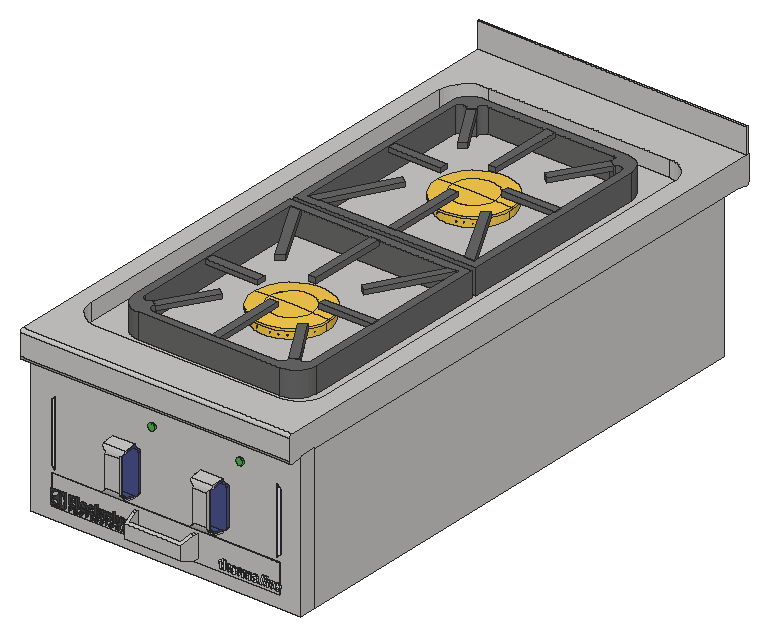
Revit family "QF_ELECTROLUXPROFESSIONAL_588527_MBGCBBDOPI", category Attrezzature speciali, Revit 2020
Family settings
  Quota connettore circolare = Usa diametro
  Tipo di parte = Normale
  Basato su piano di lavoro = No
  Sempre verticale = Sì
  Taglio con vuoti quando caricato = No
  Condiviso = No
  Punto di calcolo locali = No
Parameters (values of type "Standard")
  Weight = 38.00 kg
  Watts = 0 W
  Volts = 0 V
  URL Manufacturer = "https://www.electroluxprofessional.com/"
  URL = "https://www.electroluxprofessional.com/"
  Steam Supply Size = 0"
  Steam Supply Minimum Pressure = 0.00 psi
  Steam Supply Maximum Pressure = 0.00 psi
  Steam Consumption per Hour = 0
  Refrigeration Suction Line Size = 0 mm
  Refrigeration Liquid Line Size = 0 mm
  Refrigerant Compressor Remote = yes
  Prospetto di default = 0 mm
  Phase = 0
  Modello = "MBGCBBDOPI"
  Produttore = "Electrolux Professional"
  Length Actual = 400 mm  # constant formula
  Item Number = "588527"
  Hot Water Size = 0"
  Height Actual = 250 mm  # constant formula
  HP = "0 HP"
  Gas Size = 1/2"
  Gas KW = 14
  Gas Input Pressure = 0.469158 Btu/h
  Direct Waste Size = 0"
  Descrizione = "GAS TOP,2 BURN,ECO,1-S,BSPL,400X850X250H"
  Depth Actual = 850 mm  # constant formula
  Cycle = 0 Hz
  Condensate Return Size = 0"
  Compressed Air Volume = 0 GPM
  Compressed Air Size = 0"
  Compressed Air Pressure = 0.00 psi
  Cold Water Size = 0"
  Accessory = yes
Reference planes
  plane 1 "BACK": y = 0
  plane 2: z = 0
  plane 3 "LEFT": x = 0
  plane 4 "RIGHT": x = 400
  plane 5 "FRONT": y = -850
  plane 6 "TOP": z = 900
  plane 7 "Center (Left/Right)": x = 200
  plane 8: y = -425
  plane 9: y = -150
  plane 10: y = -65
  plane 11: y = -790
  plane 12 "GasY": y = -540
  plane 13: z = 938
  plane 14 "BaseTop": z = 650
  plane 15: y = -805
  plane 16 "Camino": y = -50
  plane 17: x = 364
  plane 18: z = 1131
Forms (mm)
  Extrusion 1, solid, material "QF_Finishes_Stainless Steel"
    sketch origin (-178.969, -4572, 100) x (-1, 0, 0) y (0, -1, 0)
      loop
        line (-178.969, -4527) -> (-178.969, -3767) -> (-578.969, -3767) -> (-578.969, -4527) -> (-178.969, -4527)
    from 550 to 762.969
  Extrusion 2, solid, material "QF_Finishes_Stainless Steel"
    sketch origin (200, 296.4, 1219.2) x (0, 1, 0) y (0, 0, 1)
      loop
        line (-296.4, -319.2) -> (-1141.4, -319.2)
        arc (-1141.4, -319.2) -> (-1144.935, -320.664) -> (-1146.4, -324.2) r 5
        line (-1146.4, -324.2) -> (-1146.4, -355.2)
        arc (-1146.4, -355.2) -> (-1144.971, -358.264) -> (-1141.705, -359.139) r 4
        line (-1141.705, -359.139) -> (-1126.4, -356.231) -> (-316.4, -356.231) -> (-301.094, -359.139)
        arc (-301.094, -359.139) -> (-297.829, -358.264) -> (-296.4, -355.2) r 4
        line (-296.4, -355.2) -> (-296.4, -319.2)
    from -200 to 200
  Extrusion 3, void
    sketch origin (0, 0, 900) x (-1, 0, 0) y (0, -1, 0)
      loop
        arc (-65.29, 65) -> (-37.006, 76.716) -> (-25.29, 105) r 40
        line (-25.29, 105) -> (-25.29, 750)
        arc (-25.29, 750) -> (-37.006, 778.284) -> (-65.29, 790) r 40
        line (-65.29, 790) -> (-334.029, 790)
        arc (-334.029, 790) -> (-362.314, 778.284) -> (-374.029, 750) r 40
        line (-374.029, 750) -> (-374.029, 105)
        arc (-374.029, 105) -> (-362.314, 76.716) -> (-334.029, 65) r 40
        line (-334.029, 65) -> (-65.29, 65)
    from 0 to -25
  Extrusion 4, solid, material "QF_Finishes_Stainless Steel"
    sketch origin (200, 296.4, 1219.2) x (0, 1, 0) y (0, 0, 1)
      loop
        line (-296.4, -319.2) -> (-296.4, -281.2) -> (-298.4, -281.2) -> (-298.4, -319.2) -> (-296.4, -319.2)
    from 200 to -200
  Extrusion 5, solid, material "QF_Finishes_Stainless Steel"
    sketch origin (0, 0, 650) x (-1, 0, 0) y (0, -1, 0)
      loop
        circle (-364, 540) r 10.1
    from 0 to -10
Cuts and joins
  Extrusion 3 cuts Extrusion 2
Lines and regions (mm)
  symbolic lines
    curve 1: line (0, 0, 100) -> (400, 0, 100)
    curve 2: line (0, -850, 100) -> (0, 0, 100)
    curve 3: line (400, -850, 100) -> (0, -850, 100)
    curve 4: line (400, 0, 100) -> (400, -850, 100)
    curve 5: line (0, -2, 0) -> (400, -2, 0)
    curve 6: line (334.029, -65, 0) -> (65.29, -65, 0)
    curve 7: arc (65.29, -65, 0) -> (37.006, -76.716, 0) -> (25.29, -105, 0) r 40
    curve 8: arc (374.029, -105, 0) -> (362.314, -76.716, 0) -> (334.029, -65, 0) r 40
    curve 9: line (374.029, -750, 0) -> (374.029, -105, 0)
    curve 10: arc (334.029, -790, 0) -> (362.314, -778.284, 0) -> (374.029, -750, 0) r 40
    curve 11: line (65.29, -790, 0) -> (334.029, -790, 0)
    curve 12: arc (25.29, -750, 0) -> (37.006, -778.284, 0) -> (65.29, -790, 0) r 40
    curve 13: line (25.29, -105, 0) -> (25.29, -750, 0)
Dimensions and locks
  plane 3 "LEFT" to plane 4 "RIGHT" = 400 mm
  locked: plane 5 "FRONT" to plane 1 "BACK" at 850
  plane 3 "LEFT" to plane 7 "Center (Left/Right)" to plane 4 "RIGHT" = 200 mm, 200 mm
  equal spacing: plane 5 "FRONT", plane 8, plane 1 "BACK"
  plane 6 "TOP" to level = 900 mm  (x2)
  plane 1 "BACK" to plane 9 = 150 mm
  plane 12 "GasY" to plane 1 "BACK" = 540 mm
  plane 13 to plane 6 "TOP" = 38 mm
  plane 10 to plane 1 "BACK" = 65 mm
  plane 5 "FRONT" to plane 11 = 60 mm
  locked: plane 6 "TOP" to plane 14 "BaseTop" at 250
  locked: plane 15 to plane 5 "FRONT" at 45
  plane 16 "Camino" to plane 1 "BACK" = 50 mm
  plane 17 to plane 4 "RIGHT" = 36 mm
  plane 18 to plane 6 "TOP" = 231 mm
  aligned and locked: level to plane 2
  aligned and locked: cut or joined group of Extrusion 2, Extrusion 3 to plane 3 "LEFT"
  aligned and locked: cut or joined group of Extrusion 2, Extrusion 3 to plane 4 "RIGHT"
  aligned and locked: nested 1 to plane 15
  aligned and locked: Extrusion 1 to plane 15
  aligned and locked: Extrusion 4 to plane 3 "LEFT"
  aligned and locked: Extrusion 4 to plane 4 "RIGHT"
  aligned and locked: plane 3 "LEFT" to nested 1
Automatic sketch dimensions
  curve 5 to plane 3 "LEFT" = 0 mm
  curve 5 to plane 4 "RIGHT" = 0 mm
  plane 1 "BACK" to curve 5 = 2 mm
  Extrusion 1 sketch curve to plane 4 "RIGHT" = 0 mm
  Extrusion 1 sketch curve to plane 3 "LEFT" = 0 mm
  Extrusion 1 sketch curve to plane 15 = 0 mm
  Extrusion 1 sketch curve to plane 16 "Camino" = 5 mm
  plane 1 "BACK" to curve 1 = 0 mm
  curve 1 to plane 4 "RIGHT" = 0 mm
  curve 3 to plane 3 "LEFT" = 0 mm
  plane 5 "FRONT" to curve 3 = 0 mm
  Extrusion 2 sketch curve to plane 5 "FRONT" = 0 mm
  Extrusion 2 sketch curve to plane 6 "TOP" = 0 mm
  Extrusion 2 sketch curve to plane 1 "BACK" = 0 mm
  Extrusion 2 sketch curve to Extrusion 2 sketch curve = 4 mm
  Extrusion 2 sketch curve to Extrusion 2 sketch curve = 0.695 mm
  Extrusion 2 sketch curve to plane 5 "FRONT" = 5 mm
  Extrusion 2 sketch curve to Extrusion 2 sketch curve = 15.305 mm
  plane 1 "BACK" to Extrusion 2 sketch curve = 20 mm
  plane 1 "BACK" to Extrusion 2 sketch curve = 4.695 mm
  plane 1 "BACK" to Extrusion 2 sketch curve = 4 mm
  Extrusion 2 sketch curve to Extrusion 2 sketch curve = 31 mm
  Extrusion 2 sketch curve to Extrusion 2 sketch curve = 36 mm
  Extrusion 2 sketch curve to Extrusion 2 sketch curve = 2.909 mm
  Extrusion 4 sketch curve to plane 6 "TOP" = 0 mm
  Extrusion 4 sketch curve to plane 13 = 0 mm
  Extrusion 4 sketch curve to plane 1 "BACK" = 0 mm
  Extrusion 4 sketch curve to Extrusion 4 sketch curve = 2 mm
  Extrusion 5 sketch curve to plane 12 "GasY" = 0 mm
  Extrusion 5 sketch curve to plane 17 = 0 mm
  plane 10 to curve 6 = 0 mm
  plane 7 "Center (Left/Right)" to curve 6 = 134.029 mm
  curve 7 to curve 6 = 40 mm
  curve 8 to curve 6 = 40 mm
  curve 9 to plane 11 = 40 mm
  plane 11 to curve 10 = 0 mm
  plane 3 "LEFT" to curve 13 = 25.29 mm
  curve 12 to plane 11 = 40 mm
  plane 11 to Extrusion 3 sketch curve = 0 mm
  plane 10 to Extrusion 3 sketch curve = 0 mm
  plane 17 to Extrusion 3 sketch curve = 10.029 mm
  Extrusion 3 sketch curve to plane 17 = 29.971 mm  (x2)
  plane 3 "LEFT" to Extrusion 3 sketch curve = 65.29 mm  (x2)
  plane 10 to Extrusion 3 sketch curve = 40 mm
  radius of Extrusion 5 sketch curve = 10.1 mm
Nested families
  nested 1: "Front_Panel_W400_Two Knobs_Spie" at (52.376, -805, 0), type "Front_Panel_W400_Two Knobs_Spie"
  nested 2: "Therma_One_Burner_Long" at (198.607, -260.258, 875), type "Therma_One_Burner_Long"
  nested 3: "Therma_One_Burner_Long" at (198.607, -593.742, 875), type "Therma_One_Burner_Long"
Connectors
  piping at (364, -540, 650), diameter 12.7, driven by "Gas Size"
    settings: on Extrusion 5, index 1, connector inside diameter 24", connector length 0 mm, flow factor 0, pipe flow 0 GPM, pressure drop 0.00 psi, fitting loss kfactor 0, connector angle 0.00°, fixture units 0, engagement length 0 mm, angle of deflection 0.00°, flow configuration 1, flow direction 1, fitting loss method 0, system type 7, joint type 0, gender type 0, connector reference index -1, connector utility 0, adjustable connector no, is connector primary yes, connector description "Gas Connection"
Definition of nested family "Front_Panel_W400_Two Knobs_Spie"
  Parameters
    Default Elevation = 0 mm
  Reference planes
    plane 1 "Center (Front/Back)": y = 0
    plane 2: z = 0
    plane 3 "Center (Left/Right)": x = 147.624
    plane 4 "Left": x = -52.376
    plane 5 "Right": x = 347.624
    plane 6: y = -45
    plane 7: x = 107.624
    plane 8: y = -310
    plane 9 "Panel": y = -25
    plane 10: x = 317.624
    plane 11: x = -22.376
  Forms (mm)
    Extrusion 1, solid
      sketch origin (833.217, 829.203, -1.25) x (0, 1, 0) y (0, 0, 1)
        loop
          line (-854.203, 651.25) -> (-829.203, 651.25) -> (-829.203, 864.25) -> (-854.203, 864.25) -> (-854.203, 651.25)
      from -885.593 to -485.593
    Extrusion 2, void
      sketch origin (0, -25, -10) x (0, 0, 1) y (-1, 0, 0)
        loop
          line (731.866, -317.624) -> (818.866, -317.624) -> (823.866, -312.624) -> (726.866, -312.624) -> (731.866, -317.624)
        loop
          line (731.866, 22.376) -> (726.866, 17.376) -> (823.866, 17.376) -> (818.866, 22.376) -> (731.866, 22.376)
      from 0 to -2
    Extrusion 3, void
      sketch origin (0, 0, 0) x (1, 0, 0) y (0, 0, 1)
        loop
          line (-22.376, 711.866) -> (-22.376, 666.866) -> (317.624, 666.866) -> (317.624, 711.866) -> (-22.376, 711.866)
      from 19.387 to 25
    Extrusion 4, solid
      sketch origin (0, 0, 0) x (1, 0, 0) y (0, 0, 1)
        loop
          line (-21.376, 710.866) -> (-21.376, 667.866) -> (316.624, 667.866) -> (316.624, 710.866) -> (-21.376, 710.866)
      from 19.387 to 25
    Extrusion 5, solid
      sketch origin (0, 0, 0) x (1, 0, 0) y (0, 1, 0)
        loop
          line (106.059, -25) -> (100.966, -25) -> (105.646, -49.075) -> (189.603, -49.075) -> (194.283, -25) -> (189.189, -25) -> (185.481, -44.075) -> (109.767, -44.075) -> (106.059, -25)
      from 672.593 to 705.67
    Extrusion 6, void
      sketch origin (147.624, 0, 0) x (0, 1, 0) y (0, 0, 1)
        loop
          line (-30, 705.67) -> (-30, 710.67) -> (-56.744, 710.67) -> (-56.744, 667.593) -> (-30, 667.593) -> (-30, 672.593) -> (-53.776, 680.318) -> (-53.776, 697.945) -> (-30, 705.67)
      from -50 to 50
    Extrusion 7, solid, detail levels coarse
      sketch origin (0, -265, 0) x (1, 0, 0) y (0, 1, 0)
        loop
          line (106.164, -71.744) -> (189.084, -71.744) -> (194.283, -45) -> (316.624, -45) -> (316.624, 240) -> (-21.376, 240) -> (-21.376, -45) -> (100.966, -45) -> (106.164, -71.744)
      from 672.593 to 705.67
    Extrusion 8, void
      sketch origin (147.624, -280, 0) x (0, 1, 0) y (0, 0, 1)
        loop
          line (-30, 705.67) -> (-30, 710.67) -> (-56.744, 710.67) -> (-56.744, 667.593) -> (-30, 667.593) -> (-30, 672.593) -> (-53.776, 680.318) -> (-53.776, 697.945) -> (-30, 705.67)
      from -50 to 50
    Extrusion 9, solid
      sketch origin (160, -25, 1.163) x (0, 0, 1) y (-1, 0, 0)
        loop
          circle (824.337, 32.376) r 5
      from 0 to 1.7
    Extrusion 10, solid
      sketch origin (0, -25, -10) x (0, 0, 1) y (-1, 0, 0)
        loop
          line (726.866, -312.624) -> (731.866, -317.624) -> (818.866, -317.624) -> (823.866, -312.624) -> (726.866, -312.624)
        loop
          line (726.866, 17.376) -> (823.866, 17.376) -> (818.866, 22.376) -> (731.866, 22.376) -> (726.866, 17.376)
      from 0 to -2
    Extrusion 11, solid
      sketch origin (290.724, -25, 1.163) x (0, 0, 1) y (-1, 0, 0)
        loop
          circle (824.337, 32.376) r 5
      from 0 to 1.7
  Cuts and joins
    Extrusion 2, Extrusion 3 cuts Extrusion 1
    Extrusion 6, Extrusion 8 cuts Extrusion 5
    Extrusion 8 cuts Extrusion 7
  Lines and regions (mm)
    symbolic lines
      curve 1: line (31.124, -45, 0) -> (31.124, -310, 0)
      curve 2: line (31.124, -310, 0) -> (269.124, -310, 0)
      curve 3: line (100.966, -310, 0) -> (105.646, -334.075, 0)
      curve 4: line (105.646, -334.075, 0) -> (189.603, -334.075, 0)
      curve 5: line (189.603, -334.075, 0) -> (194.283, -310, 0)
      curve 6: line (269.124, -310, 0) -> (269.124, -45, 0)
      curve 7: line (31.124, -300, 0) -> (269.124, -300, 0)
      curve 8: line (106.059, -310, 0) -> (109.767, -329.075, 0)
      curve 9: line (109.767, -329.075, 0) -> (185.481, -329.075, 0)
      curve 10: line (185.481, -329.075, 0) -> (189.189, -310, 0)
  Dimensions and locks
    equal spacing: plane 5 "Right", plane 3 "Center (Left/Right)", plane 4 "Left"
    plane 5 "Right" to plane 4 "Left" = 400 mm
    plane 3 "Center (Left/Right)" to plane 7 = 40 mm
    plane 6 to plane 8 = 265 mm
    plane 11 to plane 4 "Left" = 30 mm
    plane 5 "Right" to plane 10 = 30 mm
    aligned and locked: cut or joined group of Extrusion 1, Extrusion 2, Extrusion 3 to plane 4 "Left"
    aligned and locked: plane 5 "Right" to cut or joined group of Extrusion 1, Extrusion 2, Extrusion 3
  Automatic sketch dimensions
    Extrusion 1 sketch curve to plane 9 "Panel" = 0 mm
    Extrusion 1 sketch curve to plane 1 "Center (Front/Back)" = 0 mm
    level to Extrusion 1 sketch curve = 650 mm
    Extrusion 1 sketch curve to Extrusion 1 sketch curve = 213 mm
    Extrusion 3 sketch curve to plane 11 = 0 mm
    Extrusion 3 sketch curve to plane 10 = 0 mm
    level to Extrusion 3 sketch curve = 666.866 mm
    Extrusion 3 sketch curve to Extrusion 3 sketch curve = 45 mm
    plane 11 to Extrusion 4 sketch curve = 1 mm
    Extrusion 4 sketch curve to plane 10 = 1 mm
    level to Extrusion 4 sketch curve = 667.866 mm
    Extrusion 4 sketch curve to Extrusion 4 sketch curve = 43 mm
    plane 9 "Panel" to Extrusion 5 sketch curve = 0 mm  (x2)
    Extrusion 5 sketch curve to plane 7 = 6.658 mm
    Extrusion 5 sketch curve to plane 7 = 1.979 mm
    Extrusion 5 sketch curve to plane 7 = 1.565 mm
    Extrusion 5 sketch curve to plane 6 = 0.925 mm
    plane 7 to Extrusion 5 sketch curve = 2.143 mm
    plane 3 "Center (Left/Right)" to Extrusion 5 sketch curve = 37.857 mm
    Extrusion 5 sketch curve to Extrusion 5 sketch curve = 3.708 mm
    Extrusion 5 sketch curve to Extrusion 5 sketch curve = 4.122 mm
    Extrusion 5 sketch curve to Extrusion 5 sketch curve = 5.094 mm
    plane 6 to Extrusion 5 sketch curve = 4.075 mm
    plane 6 to Extrusion 6 sketch curve = 11.744 mm
    plane 6 to Extrusion 6 sketch curve = 8.776 mm
    plane 9 "Panel" to Extrusion 6 sketch curve = 5 mm  (x2)
    level to Extrusion 6 sketch curve = 667.593 mm
    Extrusion 6 sketch curve to Extrusion 6 sketch curve = 5 mm
    Extrusion 6 sketch curve to Extrusion 6 sketch curve = 12.725 mm  (x2)
    Extrusion 6 sketch curve to Extrusion 6 sketch curve = 17.627 mm
    Extrusion 6 sketch curve to Extrusion 6 sketch curve = 7.725 mm
    plane 9 "Panel" to Extrusion 7 sketch curve = 0 mm
    Extrusion 7 sketch curve to plane 8 = 0 mm  (x2)
    plane 11 to Extrusion 7 sketch curve = 1 mm
    Extrusion 7 sketch curve to plane 7 = 6.658 mm
    Extrusion 7 sketch curve to plane 7 = 1.46 mm
    plane 3 "Center (Left/Right)" to Extrusion 7 sketch curve = 41.46 mm
    Extrusion 7 sketch curve to Extrusion 7 sketch curve = 5.199 mm
    Extrusion 7 sketch curve to plane 10 = 1 mm
    Extrusion 7 sketch curve to plane 8 = 26.744 mm
    Extrusion 8 sketch curve to plane 8 = 0 mm  (x2)
    Extrusion 8 sketch curve to plane 8 = 23.776 mm
    Extrusion 8 sketch curve to Extrusion 8 sketch curve = 2.968 mm
    level to Extrusion 8 sketch curve = 667.593 mm
    Extrusion 8 sketch curve to Extrusion 8 sketch curve = 5 mm
    Extrusion 8 sketch curve to Extrusion 8 sketch curve = 12.725 mm  (x2)
    Extrusion 8 sketch curve to Extrusion 8 sketch curve = 17.627 mm
    Extrusion 8 sketch curve to Extrusion 8 sketch curve = 7.725 mm
    Extrusion 9 sketch curve to plane 3 "Center (Left/Right)" = 20 mm
    level to Extrusion 9 sketch curve = 825.5 mm
    Extrusion 11 sketch curve to plane 10 = 59.276 mm
    level to Extrusion 11 sketch curve = 825.5 mm
    Extrusion 10 sketch curve to plane 10 = 0 mm
    Extrusion 10 sketch curve to plane 11 = 0 mm
    Extrusion 10 sketch curve to plane 10 = 5 mm
    level to Extrusion 10 sketch curve = 716.866 mm
    plane 11 to Extrusion 10 sketch curve = 5 mm
    Extrusion 10 sketch curve to Extrusion 10 sketch curve = 0 mm
    Extrusion 10 sketch curve to Extrusion 10 sketch curve = 5 mm  (x4)
    Extrusion 10 sketch curve to Extrusion 10 sketch curve = 87 mm  (x2)
    Extrusion 2 sketch curve to plane 10 = 0 mm
    Extrusion 2 sketch curve to plane 11 = 0 mm
    plane 11 to Extrusion 2 sketch curve = 5 mm
    level to Extrusion 2 sketch curve = 716.866 mm
    Extrusion 2 sketch curve to plane 10 = 5 mm
    Extrusion 2 sketch curve to Extrusion 2 sketch curve = 0 mm
    Extrusion 2 sketch curve to Extrusion 2 sketch curve = 5 mm  (x4)
    Extrusion 2 sketch curve to Extrusion 2 sketch curve = 87 mm  (x2)
    plane 6 to curve 1 = 0 mm
    curve 10 to plane 8 = 0 mm
    plane 6 to curve 6 = 0 mm
    plane 11 to curve 1 = 53.5 mm
    curve 3 to plane 7 = 1.979 mm
    plane 7 to curve 8 = 2.143 mm
    plane 3 "Center (Left/Right)" to curve 10 = 37.857 mm
    curve 9 to curve 5 = 4.122 mm
    curve 2 to plane 10 = 48.5 mm
    curve 9 to plane 8 = 19.075 mm
    curve 5 to curve 9 = 5 mm
    curve 3 to plane 7 = 6.658 mm
    curve 8 to plane 7 = 1.565 mm
    curve 9 to curve 10 = 3.708 mm
    curve 10 to curve 5 = 5.094 mm
    plane 8 to curve 7 = 10 mm
    radius of Extrusion 9 sketch curve = 5 mm
    radius of Extrusion 11 sketch curve = 5 mm
  Nested families
    nested 1: "Range Control Handle" at (87.624, -28.137, -209.113) x (-1, 0, 0) z (0, 0, 1), type "Range Control Handle"
    nested 2: "Range Control Handle" at (217.624, -28.137, -209.113), type "Range Control Handle"
    nested 3: "ELX_ThermaLine_Small" at (269.031, -25, 679.343) x (1, 0, 0) z (0, -1, 0), type "ELX_ThermaLine_Small"
      with Show Logo yes, Material_Logo none
    nested 4: "ELX_Professional_Logo_Small" at (37.11, -25, 681.576) x (1, 0, 0) z (0, -1, 0), type "ELX_Professional_Logo_Small"
      with Show Logo yes, Material_Logo none
  Definition of nested family "Range Control Handle"
    Parameters
      Default Elevation = 0 mm
    Reference planes
      plane 1 "Center (Front/Back)": y = 0
      plane 2: z = 0
      plane 3 "Center (Left/Right)": x = 0
      plane 4: z = 971.092
      plane 5: y = -16.9
    Forms (mm)
      Extrusion 1, solid
        sketch origin (-746.28, 380.497, 208.931) x (-1, 0, 0) y (0, 0, 1)
          loop
            line (-770.101, 786.798) -> (-770.101, 731.649)
            arc (-770.101, 731.649) -> (-769.759, 730.563) -> (-768.855, 729.87) r 1.893
            line (-768.855, 729.87) -> (-763.474, 727.911) -> (-729.81, 727.911) -> (-724.428, 729.87)
            arc (-724.428, 729.87) -> (-723.525, 730.563) -> (-723.183, 731.649) r 1.893
            line (-723.183, 731.649) -> (-723.183, 786.798)
            arc (-723.183, 786.798) -> (-723.529, 787.894) -> (-724.44, 788.593) r 1.91
            line (-724.44, 788.593) -> (-729.683, 790.819) -> (-763.601, 790.819) -> (-768.844, 788.593)
            arc (-768.844, 788.593) -> (-769.755, 787.894) -> (-770.101, 786.798) r 1.91
        from -382.35 to -378.852
      Sweep 2, solid
        path origin (-746.788, 380.496, 208.091) x (0, -1, 0) y (0, 0, 1)
          loop
            line (379.775, 793.281) -> (395.661, 791.048)
            arc (395.661, 791.048) -> (397.781, 787.377) -> (398.517, 783.202) r 12.207
            line (398.517, 783.202) -> (398.517, 737.368)
            arc (398.517, 737.368) -> (397.781, 733.193) -> (395.661, 729.522) r 12.207
            line (395.661, 729.522) -> (379.775, 727.289)
        profile origin (-746.788, -7.222, 1000.256) x (0, -0.139173, 0.990268) y (-1, 0, 0)
          loop
            line (0.782, -763.123) -> (0.782, -730.907) -> (-1.322, -730.907) -> (-1.322, -763.123) -> (0.782, -763.123)
      Sweep 3, solid
        path origin (-746.788, 380.715, 207.832) x (0, -1, 0) y (0, 0, 1)
          loop
            line (380.478, 795.442) -> (397.218, 793.09)
            arc (397.218, 793.09) -> (399.929, 788.473) -> (400.871, 783.202) r 15.207
            line (400.871, 783.202) -> (400.871, 737.584)
            arc (400.871, 737.584) -> (399.914, 732.274) -> (397.164, 727.633) r 15.207
            line (397.164, 727.633) -> (380.601, 725.305)
        profile origin (-746.788, -8.132, 1002.099) x (0, -0.139173, 0.990268) y (-1, 0, 0)
          loop
            line (0.782, -763.123) -> (0.782, -730.907) -> (-1.322, -730.907) -> (-1.322, -763.123) -> (0.782, -763.123)
      Extrusion 4, void
        sketch origin (889.253, 220.666, 207.993) x (1, 0, 0) y (0, 0, 1)
          loop
            line (-943.038, 816.854) -> (-943.038, 703.686) -> (-899.466, 734.196) -> (-899.466, 786.344) -> (-943.038, 816.854)
        from 230.636 to 242.25
      Extrusion 5, void
        sketch origin (-888.8, 220.666, 207.993) x (-1, 0, 0) y (0, 0, -1)
          loop
            line (-943.038, -816.854) -> (-899.466, -786.344) -> (-899.466, -734.196) -> (-943.038, -703.686) -> (-943.038, -816.854)
        from 230.636 to 242.25
      Extrusion 6, solid
        sketch origin (0, 0, 0) x (1, 0, 0) y (0, 0, 1)
          loop
            circle (0, 971.092) r 7.736
        from -3.137 to -1.645
    Cuts and joins
      Extrusion 4, Extrusion 5 cuts Sweep 3
      Extrusion 4, Extrusion 5 cuts Sweep 2
      joined: Extrusion 1, Extrusion 6
    Lines and regions (mm)
      symbolic lines
        curve 1: line (16.334, -16.9, 0) -> (16.334, -19.227, 0)
        curve 2: spline (16.334, -19.227, 0) -> (15.87, -19.385, 0) -> (15.404, -19.536, 0) -> (14.936, -19.678, 0) -> (14.466, -19.813, 0) -> (13.995, -19.94, 0) -> (13.523, -20.059, 0) -> (13.049, -20.171, 0) -> (12.575, -20.274, 0) -> (12.099, -20.37, 0) -> (11.622, -20.458, 0) -> (11.144, -20.537, 0) -> (10.666, -20.609, 0)
        curve 3: line (10.666, -16.9, 0) -> (10.666, -20.938, 0)
        curve 4: line (-10.213, -20.938, 0) -> (10.666, -20.938, 0)
        curve 5: line (-10.213, -20.938, 0) -> (-10.213, -16.9, 0)
        curve 6: spline (-10.213, -20.609, 0) -> (-10.691, -20.537, 0) -> (-11.169, -20.458, 0) -> (-11.646, -20.37, 0) -> (-12.122, -20.274, 0) -> (-12.597, -20.171, 0) -> (-13.07, -20.059, 0) -> (-13.542, -19.94, 0) -> (-14.013, -19.813, 0) -> (-14.483, -19.678, 0) -> (-14.951, -19.536, 0) -> (-15.417, -19.385, 0) -> (-15.881, -19.227, 0)
        curve 7: line (-15.881, -19.227, 0) -> (-15.881, -16.9, 0)
  Definition of nested family "ELX_ThermaLine_Small"
    Parameters
      Show Logo [instance] = yes
      Material_Logo [instance] = none
      Default Elevation = 0 mm
    Reference planes
      plane 1 "Centro (Fronte/Retro)": y = 0
      plane 2: z = 0
      plane 3 "Centro (Sinistra/Destra)": x = 0
    Forms (mm)
      Extrusion 1, solid
        sketch origin (0, 0, 0) x (1, 0, 0) y (0, 1, 0)
          loop
            line (-1219.2, 1219.2) -> (-1219.2, -1219.2) -> (1219.2, -1219.2) -> (1219.2, 1219.2) -> (-1219.2, 1219.2)
        from 0 to -304.8
      Extrusion 2, solid
        sketch origin (0, 0, 0) x (1, 0, 0) y (0, 1, 0)
          loop
            line (-37.494, 1.229) -> (-35.908, 1.229) -> (-35.908, 3.066) -> (-37.494, 3.066) -> (-37.494, 6.221) -> (-39.867, 4.881) -> (-39.867, 3.066) -> (-40.969, 3.066) -> (-40.969, 1.229) -> (-39.867, 1.229) -> (-39.867, -3.407)
            arc (-39.867, -3.407) -> (-38.982, -5.513) -> (-36.751, -6.001) r 2.478
            line (-36.751, -6.001) -> (-35.638, -5.7) -> (-35.9, -3.835) -> (-36.661, -4.039)
            arc (-36.661, -4.039) -> (-37.236, -3.924) -> (-37.494, -3.399) r 0.662
            line (-37.494, -3.399) -> (-37.494, 1.229)
          loop
            line (-34.242, 6.539) -> (-34.242, -5.848) -> (-31.854, -5.848) -> (-31.854, -0.078)
            arc (-31.854, -0.078) -> (-30.939, 1.249) -> (-29.33, 1.367) r 1.866
            arc (-29.33, 1.367) -> (-28.695, 0.768) -> (-28.461, -0.073) r 1.627
            line (-28.461, -0.073) -> (-28.461, -5.848) -> (-26.086, -5.848) -> (-26.064, -0.46)
            arc (-26.064, -0.46) -> (-26.261, 0.932) -> (-26.786, 2.237) r 5.825
            arc (-26.786, 2.237) -> (-29.381, 3.264) -> (-31.854, 1.971) r 3.353
            line (-31.854, 1.971) -> (-31.854, 6.539) -> (-34.242, 6.539)
          loop
            arc (-18.398, -0.598) -> (-18.893, 0.879) -> (-20.326, 1.487) r 1.897
            arc (-20.326, 1.487) -> (-21.461, 0.708) -> (-21.897, -0.598) r 2.164
            line (-21.897, -0.598) -> (-18.398, -0.598)
          loop
            arc (-16.021, -2.044) -> (-16.754, 1.227) -> (-19.444, 3.226) r 4.814
            arc (-19.444, 3.226) -> (-22.137, 2.788) -> (-23.943, 0.743) r 4.054
            arc (-23.943, 0.743) -> (-24.382, -1.249) -> (-24.162, -3.276) r 6.289
            arc (-24.162, -3.276) -> (-23.302, -4.71) -> (-21.958, -5.705) r 4.28
            arc (-21.958, -5.705) -> (-18.558, -5.814) -> (-16.152, -3.409) r 4.28
            line (-16.152, -3.409) -> (-18.5, -2.995)
            arc (-18.5, -2.995) -> (-19.273, -3.994) -> (-20.533, -4.076) r 1.536
            arc (-20.533, -4.076) -> (-21.56, -3.281) -> (-21.958, -2.044) r 2.197
            line (-21.958, -2.044) -> (-16.021, -2.044)
          loop
            line (-14.165, -5.848) -> (-11.819, -5.848) -> (-11.819, -2.138)
            arc (-11.819, -2.138) -> (-11.787, -1.156) -> (-11.637, -0.185) r 8.18
            arc (-11.637, -0.185) -> (-10.644, 0.972) -> (-9.132, 0.776) r 1.603
            line (-9.132, 0.776) -> (-8.419, 2.846)
            arc (-8.419, 2.846) -> (-10.432, 3.118) -> (-11.994, 1.821) r 2.527
            line (-11.994, 1.821) -> (-11.994, 3.094) -> (-14.165, 3.094) -> (-14.165, -5.848)
          loop
            line (-7.579, 3.094) -> (-7.579, -5.848) -> (-5.178, -5.848) -> (-5.178, -0.756)
            arc (-5.178, -0.756) -> (-4.727, 0.679) -> (-3.417, 1.419) r 2.05
            arc (-3.417, 1.419) -> (-2.499, 0.908) -> (-2.155, -0.085) r 1.471
            line (-2.155, -0.085) -> (-2.155, -5.848) -> (0.23, -5.848) -> (0.23, -1.001)
            arc (0.23, -1.001) -> (0.47, 0.127) -> (1.148, 1.061) r 2.775
            arc (1.148, 1.061) -> (2.225, 1.329) -> (3.05, 0.587) r 1.182
            arc (3.05, 0.587) -> (3.199, -0.019) -> (3.214, -0.642) r 2.894
            line (3.214, -0.642) -> (3.214, -5.848) -> (5.601, -5.848) -> (5.601, 0.261)
            arc (5.601, 0.261) -> (4.87, 2.263) -> (2.976, 3.241) r 2.932
            arc (2.976, 3.241) -> (1.284, 2.973) -> (-0.047, 1.896) r 3.309
            arc (-0.047, 1.896) -> (-1.116, 2.865) -> (-2.506, 3.258) r 3.16
            arc (-2.506, 3.258) -> (-4.105, 2.942) -> (-5.376, 1.92) r 3.419
            line (-5.376, 1.92) -> (-5.376, 3.094) -> (-7.579, 3.094)
          loop
            line (7.583, 0.738) -> (9.702, 0.364)
            arc (9.702, 0.364) -> (11.441, 1.492) -> (12.855, -0.023) r 1.613
            line (12.855, -0.023) -> (9.782, -0.789)
            arc (9.782, -0.789) -> (8.559, -1.346) -> (7.617, -2.305) r 3.687
            arc (7.617, -2.305) -> (7.499, -3.681) -> (7.901, -5.003) r 3.651
            arc (7.901, -5.003) -> (9.107, -5.766) -> (10.515, -6.006) r 3.635
            arc (10.515, -6.006) -> (11.898, -5.697) -> (13.067, -4.895) r 3.734
            line (13.067, -4.895) -> (13.376, -5.848) -> (15.75, -5.848) -> (15.212, -4.193) -> (15.212, 0.38)
            arc (15.212, 0.38) -> (14.897, 1.849) -> (13.818, 2.895) r 2.585
            arc (13.818, 2.895) -> (11.792, 3.442) -> (9.719, 3.11) r 5.005
            arc (9.719, 3.11) -> (8.369, 2.178) -> (7.583, 0.738) r 3.54
          loop
            line (19.723, -5.848) -> (22.233, -5.848) -> (24.854, 6.484) -> (22.345, 6.484) -> (19.723, -5.848)
          loop
            line (24.583, -5.848) -> (26.953, -5.848) -> (28.848, 3.066) -> (26.478, 3.066) -> (24.583, -5.848)
          loop
            line (27.204, 6.484) -> (26.741, 4.305) -> (29.111, 4.305) -> (29.575, 6.484) -> (27.204, 6.484)
          loop
            line (29.355, -5.848) -> (31.849, -5.848) -> (33.098, 0.028)
            arc (33.098, 0.028) -> (34.169, 1.306) -> (35.832, 1.422) r 2.132
            arc (35.832, 1.422) -> (36.324, 0.752) -> (36.383, -0.078) r 1.5
            line (36.383, -0.078) -> (35.157, -5.848) -> (37.536, -5.848) -> (38.936, 0.738)
            arc (38.936, 0.738) -> (38.775, 2.091) -> (37.825, 3.066) r 2.118
            arc (37.825, 3.066) -> (35.392, 3.175) -> (33.295, 1.937) r 4.271
            line (33.295, 1.937) -> (33.535, 3.066) -> (31.25, 3.066) -> (29.355, -5.848)
          loop
            line (42.792, -0.64) -> (46.589, -0.64)
            arc (46.589, -0.64) -> (46.639, 0.124) -> (46.327, 0.823) r 1.589
            arc (46.327, 0.823) -> (45.117, 1.521) -> (43.762, 1.183) r 1.865
            arc (43.762, 1.183) -> (43.141, 0.344) -> (42.792, -0.64) r 3.538
          loop
            line (42.565, -2.138) -> (48.593, -2.138)
            arc (48.593, -2.138) -> (48.58, 0.597) -> (46.983, 2.818) r 4.494
            arc (46.983, 2.818) -> (44.191, 3.28) -> (41.725, 1.891) r 4.26
            arc (41.725, 1.891) -> (40.503, -0.3) -> (40.284, -2.799) r 6.003
            arc (40.284, -2.799) -> (40.959, -4.468) -> (42.377, -5.576) r 3.482
            arc (42.377, -5.576) -> (44.265, -5.961) -> (46.152, -5.576) r 4.823
            arc (46.152, -5.576) -> (47.432, -4.731) -> (48.328, -3.485) r 4.245
            line (48.328, -3.485) -> (46.168, -3.105)
            arc (46.168, -3.105) -> (45.214, -4.072) -> (43.859, -4.181) r 1.953
            arc (43.859, -4.181) -> (42.821, -3.408) -> (42.565, -2.138) r 1.81
          loop
            line (12.868, -1.553) -> (10.216, -2.214)
            arc (10.216, -2.214) -> (9.747, -3.136) -> (10.216, -4.058) r 1.14
            arc (10.216, -4.058) -> (11.537, -4.249) -> (12.614, -3.46) r 1.763
            arc (12.614, -3.46) -> (12.858, -2.522) -> (12.868, -1.553) r 3.97
        from 0 to 1.6
    Dimensions and locks
      aligned and locked: plane 2 to Extrusion 1
      aligned and locked: level to Extrusion 1
  Definition of nested family "ELX_Professional_Logo_Small"
    Parameters
      Show Logo [instance] = yes
      Material_Logo [instance] = none
      Default Elevation = 0 mm
    Reference planes
      plane 1 "Centro (Fronte/Retro)": y = 0
      plane 2: z = 0
      plane 3 "Centro (Sinistra/Destra)": x = 0
    Forms (mm)
      Extrusion 1, solid
        sketch origin (0, 0, 0) x (1, 0, 0) y (0, 1, 0)
          loop
            line (-1219.2, 1219.2) -> (-1219.2, -1219.2) -> (1219.2, -1219.2) -> (1219.2, 1219.2) -> (-1219.2, 1219.2)
        from 0 to -304.8
      Extrusion 2, solid, material <- "Material_Logo"
        sketch origin (15.5, 0, 0) x (1, 0, 0) y (0, 1, 0)
          loop
            spline (-42.99, -1.24) -> (-43.195, -1.231) -> (-43.415, -1.203) -> (-43.642, -1.152) -> (-43.87, -1.074) -> (-44.095, -0.966) -> (-44.309, -0.825) -> (-44.506, -0.647) -> (-44.681, -0.429) -> (-44.828, -0.167) -> (-44.94, 0.142) -> (-45.011, 0.501) -> (-45.037, 0.915)
            line (-45.037, 0.915) -> (-45.037, 2.748) -> (-38.984, 2.748) -> (-38.984, 5.086) -> (-45.038, 5.086) -> (-45.038, 8.489) -> (-38.599, 8.489) -> (-38.599, 10.82) -> (-47.515, 10.82) -> (-47.515, 1.021)
            spline (-47.515, 1.021) -> (-47.493, 0.418) -> (-47.425, -0.15) -> (-47.311, -0.682) -> (-47.15, -1.175) -> (-46.939, -1.628) -> (-46.678, -2.038) -> (-46.365, -2.404) -> (-46, -2.723) -> (-45.58, -2.995) -> (-45.105, -3.216) -> (-44.573, -3.385) -> (-43.983, -3.499)
            line (-43.983, -3.499) -> (-43.01, -3.569) -> (-38.426, -3.569) -> (-38.426, -1.24) -> (-42.99, -1.24)
          loop
            line (-36.666, 4.021) -> (-36.666, -3.573) -> (-34.188, -3.573) -> (-34.188, 10.824) -> (-36.666, 10.824) -> (-36.666, 4.021)
          loop
            spline (-21.915, 1.897) -> (-21.957, 2.615) -> (-22.082, 3.303) -> (-22.285, 3.955) -> (-22.563, 4.564) -> (-22.913, 5.124) -> (-23.331, 5.629) -> (-23.814, 6.074) -> (-24.359, 6.451) -> (-24.961, 6.755) -> (-25.618, 6.98) -> (-26.326, 7.119) -> (-27.081, 7.167)
            spline (-27.081, 7.167) -> (-27.853, 7.122) -> (-28.586, 6.99) -> (-29.275, 6.774) -> (-29.915, 6.478) -> (-30.5, 6.104) -> (-31.024, 5.657) -> (-31.483, 5.138) -> (-31.871, 4.553) -> (-32.182, 3.904) -> (-32.411, 3.194) -> (-32.552, 2.427) -> (-32.6, 1.606)
            spline (-32.6, 1.606) -> (-32.553, 0.805) -> (-32.416, 0.057) -> (-32.193, -0.637) -> (-31.887, -1.271) -> (-31.504, -1.843) -> (-31.048, -2.35) -> (-30.523, -2.788) -> (-29.934, -3.154) -> (-29.284, -3.444) -> (-28.579, -3.656) -> (-27.822, -3.785) -> (-27.019, -3.829)
            spline (-27.019, -3.829) -> (-26.627, -3.82) -> (-26.239, -3.79) -> (-25.856, -3.739) -> (-25.477, -3.663) -> (-25.103, -3.562) -> (-24.734, -3.432) -> (-24.369, -3.273) -> (-24.01, -3.082) -> (-23.655, -2.858) -> (-23.305, -2.597) -> (-22.96, -2.299) -> (-22.621, -1.962)
            line (-22.621, -1.962) -> (-24.114, -0.509)
            spline (-24.114, -0.509) -> (-24.311, -0.699) -> (-24.509, -0.872) -> (-24.71, -1.03) -> (-24.915, -1.172) -> (-25.126, -1.297) -> (-25.346, -1.407) -> (-25.576, -1.5) -> (-25.817, -1.576) -> (-26.072, -1.636) -> (-26.342, -1.678) -> (-26.629, -1.704) -> (-26.936, -1.713)
            spline (-26.936, -1.713) -> (-27.384, -1.691) -> (-27.805, -1.625) -> (-28.196, -1.518) -> (-28.556, -1.372) -> (-28.882, -1.187) -> (-29.174, -0.966) -> (-29.429, -0.71) -> (-29.645, -0.422) -> (-29.821, -0.102) -> (-29.955, 0.247) -> (-30.045, 0.623) -> (-30.089, 1.026)
            line (-30.089, 1.026) -> (-21.956, 1.026) -> (-21.915, 1.897)
          loop
            spline (-24.446, 2.769) -> (-24.47, 3.075) -> (-24.54, 3.37) -> (-24.654, 3.65) -> (-24.807, 3.913) -> (-24.996, 4.156) -> (-25.219, 4.376) -> (-25.472, 4.57) -> (-25.753, 4.736) -> (-26.057, 4.869) -> (-26.382, 4.968) -> (-26.724, 5.03) -> (-27.081, 5.051)
            spline (-27.081, 5.051) -> (-27.464, 5.03) -> (-27.832, 4.97) -> (-28.183, 4.872) -> (-28.513, 4.74) -> (-28.819, 4.577) -> (-29.099, 4.384) -> (-29.347, 4.165) -> (-29.563, 3.923) -> (-29.742, 3.659) -> (-29.881, 3.377) -> (-29.977, 3.079) -> (-30.027, 2.769)
            line (-30.027, 2.769) -> (-24.446, 2.769)
          loop
            spline (-18.167, 1.669) -> (-18.138, 2.13) -> (-18.055, 2.567) -> (-17.921, 2.978) -> (-17.739, 3.358) -> (-17.512, 3.705) -> (-17.243, 4.016) -> (-16.937, 4.287) -> (-16.596, 4.517) -> (-16.223, 4.7) -> (-15.823, 4.835) -> (-15.398, 4.919) -> (-14.951, 4.947)
            spline (-14.951, 4.947) -> (-14.677, 4.938) -> (-14.414, 4.913) -> (-14.162, 4.871) -> (-13.921, 4.812) -> (-13.69, 4.738) -> (-13.467, 4.649) -> (-13.254, 4.544) -> (-13.048, 4.424) -> (-12.85, 4.291) -> (-12.659, 4.143) -> (-12.474, 3.981) -> (-12.295, 3.806)
            line (-12.295, 3.806) -> (-10.76, 5.403)
            spline (-10.76, 5.403) -> (-11.065, 5.709) -> (-11.38, 5.984) -> (-11.703, 6.228) -> (-12.035, 6.443) -> (-12.375, 6.63) -> (-12.723, 6.788) -> (-13.078, 6.92) -> (-13.44, 7.026) -> (-13.809, 7.107) -> (-14.184, 7.164) -> (-14.564, 7.198) -> (-14.951, 7.209)
            spline (-14.951, 7.209) -> (-15.725, 7.161) -> (-16.467, 7.02) -> (-17.169, 6.792) -> (-17.826, 6.482) -> (-18.43, 6.096) -> (-18.976, 5.637) -> (-19.455, 5.112) -> (-19.862, 4.525) -> (-20.19, 3.882) -> (-20.433, 3.189) -> (-20.584, 2.449) -> (-20.635, 1.669)
            spline (-20.635, 1.669) -> (-20.584, 0.889) -> (-20.433, 0.149) -> (-20.19, -0.545) -> (-19.862, -1.187) -> (-19.455, -1.774) -> (-18.976, -2.299) -> (-18.43, -2.758) -> (-17.826, -3.145) -> (-17.169, -3.454) -> (-16.467, -3.682) -> (-15.725, -3.823) -> (-14.951, -3.871)
            spline (-14.951, -3.871) -> (-14.564, -3.86) -> (-14.184, -3.826) -> (-13.809, -3.77) -> (-13.44, -3.689) -> (-13.078, -3.583) -> (-12.723, -3.451) -> (-12.375, -3.292) -> (-12.035, -3.105) -> (-11.703, -2.89) -> (-11.38, -2.646) -> (-11.065, -2.371) -> (-10.76, -2.066)
            line (-10.76, -2.066) -> (-12.295, -0.468)
            spline (-12.295, -0.468) -> (-12.474, -0.643) -> (-12.659, -0.805) -> (-12.85, -0.953) -> (-13.048, -1.087) -> (-13.254, -1.206) -> (-13.467, -1.311) -> (-13.69, -1.4) -> (-13.921, -1.475) -> (-14.162, -1.533) -> (-14.414, -1.575) -> (-14.677, -1.6) -> (-14.951, -1.609)
            spline (-14.951, -1.609) -> (-15.398, -1.581) -> (-15.823, -1.497) -> (-16.223, -1.362) -> (-16.596, -1.179) -> (-16.937, -0.95) -> (-17.243, -0.678) -> (-17.512, -0.367) -> (-17.739, -0.02) -> (-17.921, 0.36) -> (-18.055, 0.771) -> (-18.138, 1.208) -> (-18.167, 1.669)
          loop
            spline (-4.441, -1.243) -> (-4.659, -1.247) -> (-4.894, -1.23) -> (-5.137, -1.19) -> (-5.384, -1.121) -> (-5.628, -1.021) -> (-5.864, -0.884) -> (-6.084, -0.708) -> (-6.283, -0.488) -> (-6.454, -0.219) -> (-6.592, 0.101) -> (-6.69, 0.478) -> (-6.742, 0.914)
            line (-6.742, 0.914) -> (-6.742, 4.587) -> (-4.487, 4.587) -> (-4.487, 6.838) -> (-6.738, 6.838) -> (-6.738, 10.824) -> (-9.217, 10.824) -> (-9.217, 0.773)
            spline (-9.217, 0.773) -> (-9.164, 0.19) -> (-9.068, -0.358) -> (-8.928, -0.87) -> (-8.742, -1.343) -> (-8.511, -1.777) -> (-8.232, -2.168) -> (-7.904, -2.515) -> (-7.527, -2.816) -> (-7.098, -3.069) -> (-6.618, -3.273) -> (-6.084, -3.426) -> (-5.496, -3.525)
            line (-5.496, -3.525) -> (-4.45, -3.573) -> (-4.441, -1.243)
          loop
            spline (3.898, 6.983) -> (3.469, 7.009) -> (3.056, 7.001) -> (2.661, 6.961) -> (2.283, 6.888) -> (1.925, 6.785) -> (1.588, 6.652) -> (1.272, 6.49) -> (0.979, 6.301) -> (0.71, 6.085) -> (0.465, 5.844) -> (0.247, 5.578) -> (0.056, 5.289)
            line (0.056, 5.289) -> (0.056, 6.838) -> (-2.402, 6.838) -> (-2.402, -3.572) -> (0.056, -3.572) -> (0.056, 1.901)
            spline (0.056, 1.901) -> (0.079, 2.316) -> (0.145, 2.703) -> (0.254, 3.06) -> (0.404, 3.386) -> (0.592, 3.679) -> (0.818, 3.938) -> (1.08, 4.162) -> (1.375, 4.348) -> (1.703, 4.495) -> (2.062, 4.602) -> (2.45, 4.668) -> (2.865, 4.69)
            line (2.865, 4.69) -> (3.898, 4.586) -> (3.898, 6.983)
          loop
            spline (15.638, 1.633) -> (15.586, 2.396) -> (15.435, 3.124) -> (15.192, 3.81) -> (14.863, 4.449) -> (14.455, 5.034) -> (13.975, 5.56) -> (13.43, 6.021) -> (12.826, 6.411) -> (12.17, 6.724) -> (11.469, 6.955) -> (10.729, 7.098) -> (9.958, 7.147)
            spline (9.958, 7.147) -> (9.182, 7.098) -> (8.44, 6.955) -> (7.737, 6.724) -> (7.081, 6.411) -> (6.477, 6.021) -> (5.933, 5.56) -> (5.454, 5.034) -> (5.048, 4.449) -> (4.721, 3.81) -> (4.479, 3.124) -> (4.329, 2.396) -> (4.277, 1.633)
            spline (4.277, 1.633) -> (4.329, 0.869) -> (4.479, 0.141) -> (4.721, -0.544) -> (5.048, -1.183) -> (5.454, -1.768) -> (5.933, -2.294) -> (6.477, -2.755) -> (7.081, -3.145) -> (7.737, -3.459) -> (8.44, -3.69) -> (9.182, -3.833) -> (9.958, -3.882)
            spline (9.958, -3.882) -> (10.729, -3.833) -> (11.469, -3.69) -> (12.17, -3.459) -> (12.826, -3.145) -> (13.43, -2.755) -> (13.975, -2.294) -> (14.455, -1.768) -> (14.863, -1.183) -> (15.192, -0.544) -> (15.435, 0.141) -> (15.586, 0.869) -> (15.638, 1.633)
          loop
            spline (13.18, 1.633) -> (13.151, 2.083) -> (13.067, 2.513) -> (12.932, 2.918) -> (12.748, 3.296) -> (12.52, 3.642) -> (12.251, 3.954) -> (11.943, 4.227) -> (11.601, 4.459) -> (11.228, 4.645) -> (10.828, 4.782) -> (10.403, 4.867) -> (9.958, 4.896)
            spline (9.958, 4.896) -> (9.509, 4.867) -> (9.081, 4.782) -> (8.679, 4.645) -> (8.306, 4.459) -> (7.964, 4.227) -> (7.658, 3.954) -> (7.39, 3.642) -> (7.163, 3.296) -> (6.981, 2.918) -> (6.847, 2.513) -> (6.765, 2.083) -> (6.736, 1.633)
            spline (6.736, 1.633) -> (6.765, 1.182) -> (6.847, 0.753) -> (6.981, 0.347) -> (7.163, -0.031) -> (7.39, -0.377) -> (7.658, -0.689) -> (7.964, -0.962) -> (8.306, -1.193) -> (8.679, -1.38) -> (9.081, -1.517) -> (9.509, -1.602) -> (9.958, -1.631)
            spline (9.958, -1.631) -> (10.403, -1.602) -> (10.828, -1.517) -> (11.228, -1.38) -> (11.601, -1.193) -> (11.943, -0.962) -> (12.251, -0.689) -> (12.52, -0.377) -> (12.748, -0.031) -> (12.932, 0.347) -> (13.067, 0.753) -> (13.151, 1.182) -> (13.18, 1.633)
          loop
            line (17.162, 4.269) -> (17.162, -3.573) -> (19.642, -3.573) -> (19.642, 10.824) -> (17.162, 10.824) -> (17.162, 4.269)
          loop
            line (28.581, 6.838) -> (28.581, 0.786)
            spline (28.581, 0.786) -> (28.561, 0.393) -> (28.503, 0.038) -> (28.409, -0.279) -> (28.281, -0.559) -> (28.122, -0.802) -> (27.933, -1.011) -> (27.717, -1.185) -> (27.476, -1.325) -> (27.213, -1.433) -> (26.929, -1.509) -> (26.626, -1.554) -> (26.308, -1.569)
            spline (26.308, -1.569) -> (25.99, -1.554) -> (25.688, -1.509) -> (25.404, -1.434) -> (25.141, -1.326) -> (24.9, -1.187) -> (24.684, -1.014) -> (24.496, -0.807) -> (24.336, -0.565) -> (24.209, -0.288) -> (24.115, 0.026) -> (24.057, 0.376) -> (24.037, 0.765)
            line (24.037, 0.765) -> (24.037, 6.838) -> (21.537, 6.838) -> (21.537, 0.558)
            spline (21.537, 0.558) -> (21.581, -0.153) -> (21.71, -0.8) -> (21.916, -1.384) -> (22.195, -1.904) -> (22.54, -2.362) -> (22.944, -2.757) -> (23.403, -3.09) -> (23.909, -3.362) -> (24.456, -3.572) -> (25.04, -3.722) -> (25.652, -3.811) -> (26.288, -3.841)
            spline (26.288, -3.841) -> (26.929, -3.811) -> (27.547, -3.72) -> (28.135, -3.568) -> (28.687, -3.355) -> (29.197, -3.079) -> (29.66, -2.741) -> (30.068, -2.341) -> (30.415, -1.877) -> (30.696, -1.349) -> (30.905, -0.757) -> (31.034, -0.101) -> (31.079, 0.621)
            line (31.079, 0.621) -> (31.079, 6.838) -> (28.581, 6.838)
          loop
            line (40.457, -0.243) -> (38.894, 1.942) -> (40.83, 4.579) -> (42.488, 6.837) -> (39.782, 6.837) -> (37.53, 3.719) -> (35.258, 6.837) -> (32.573, 6.837) -> (34.113, 4.731) -> (36.167, 1.922) -> (34.014, -1.076) -> (32.222, -3.573) -> (34.887, -3.573) -> (37.53, 0.104) -> (40.174, -3.573) -> (42.839, -3.573) -> (40.457, -0.243)
          loop
            line (-46.121, -5.837) -> (-48.039, -5.837) -> (-48.039, -10.814) -> (-47.016, -10.814) -> (-47.016, -9.128) -> (-46.121, -9.128)
            arc (-46.121, -9.128) -> (-44.476, -7.482) -> (-46.121, -5.837) r 1.645
          loop
            line (-46.163, -6.778) -> (-47.016, -6.778) -> (-47.016, -8.187) -> (-46.163, -8.187)
            arc (-46.163, -8.187) -> (-45.458, -7.482) -> (-46.163, -6.778) r 0.704
          loop
            line (-38.313, -5.837) -> (-40.265, -5.837) -> (-40.265, -10.814) -> (-39.241, -10.814) -> (-39.241, -9.1) -> (-38.46, -9.182) -> (-37.48, -10.814) -> (-36.318, -10.814) -> (-37.513, -8.848)
            arc (-37.513, -8.848) -> (-36.888, -8.266) -> (-36.671, -7.441) r 1.536
            arc (-36.671, -7.441) -> (-37.165, -6.305) -> (-38.313, -5.837) r 1.643
          loop
            arc (-38.402, -8.166) -> (-37.707, -7.505) -> (-38.334, -6.778) r 0.696
            line (-38.334, -6.778) -> (-39.241, -6.778) -> (-39.241, -8.166) -> (-38.402, -8.166)
          loop
            circle (-29.965, -8.325) r 2.585
          loop
            circle (-29.965, -8.325) r 1.64
          loop
            line (-23.1, -5.837) -> (-23.1, -10.814) -> (-22.076, -10.814) -> (-22.076, -8.768) -> (-20.204, -8.768) -> (-20.204, -7.828) -> (-22.076, -7.828) -> (-22.076, -6.778) -> (-20.024, -6.778) -> (-20.024, -5.837) -> (-23.1, -5.837)
          loop
            line (-15.802, -5.837) -> (-15.802, -9.2)
            arc (-15.802, -9.2) -> (-15.343, -10.34) -> (-14.209, -10.814) r 1.593
            line (-14.209, -10.814) -> (-12.602, -10.814) -> (-12.602, -10.027) -> (-14.004, -10.027)
            arc (-14.004, -10.027) -> (-14.552, -9.8) -> (-14.779, -9.252) r 0.775
            line (-14.779, -9.252) -> (-14.779, -8.424) -> (-12.789, -8.424) -> (-12.789, -7.642) -> (-14.779, -7.642) -> (-14.779, -6.778) -> (-12.651, -6.778) -> (-12.651, -5.837) -> (-15.802, -5.837)
          loop
            line (-5.909, -7.143) -> (-5.173, -6.638)
            arc (-5.173, -6.638) -> (-5.855, -5.974) -> (-6.781, -5.755) r 1.782
            arc (-6.781, -5.755) -> (-7.397, -5.878) -> (-7.944, -6.189) r 1.974
            arc (-7.944, -6.189) -> (-8.202, -6.5) -> (-8.317, -6.888) r 1.013
            arc (-8.317, -6.888) -> (-8.306, -7.341) -> (-8.192, -7.78) r 1.985
            arc (-8.192, -7.78) -> (-7.749, -8.259) -> (-7.171, -8.563) r 1.928
            arc (-7.171, -8.563) -> (-6.637, -8.779) -> (-6.131, -9.056) r 5.041
            arc (-6.131, -9.056) -> (-5.934, -9.387) -> (-6.09, -9.74) r 0.42
            arc (-6.09, -9.74) -> (-6.631, -9.96) -> (-7.204, -9.845) r 1.016
            arc (-7.204, -9.845) -> (-7.625, -9.603) -> (-7.889, -9.196) r 1.033
            line (-7.889, -9.196) -> (-8.67, -9.686)
            arc (-8.67, -9.686) -> (-8.361, -10.198) -> (-7.908, -10.589) r 1.914
            arc (-7.908, -10.589) -> (-7.334, -10.834) -> (-6.714, -10.896) r 2.063
            arc (-6.714, -10.896) -> (-5.947, -10.743) -> (-5.256, -10.376) r 2.696
            arc (-5.256, -10.376) -> (-4.95, -9.565) -> (-5.108, -8.712) r 1.618
            arc (-5.108, -8.712) -> (-5.448, -8.319) -> (-5.884, -8.035) r 1.876
            arc (-5.884, -8.035) -> (-6.434, -7.789) -> (-6.999, -7.577) r 9.883
            arc (-6.999, -7.577) -> (-7.325, -7.07) -> (-6.854, -6.694) r 0.45
            arc (-6.854, -6.694) -> (-6.329, -6.809) -> (-5.909, -7.143) r 1.197
          loop
            line (1.61, -7.143) -> (2.345, -6.638)
            arc (2.345, -6.638) -> (1.663, -5.974) -> (0.737, -5.755) r 1.782
            arc (0.737, -5.755) -> (0.121, -5.878) -> (-0.425, -6.189) r 1.974
            arc (-0.425, -6.189) -> (-0.683, -6.5) -> (-0.799, -6.888) r 1.013
            arc (-0.799, -6.888) -> (-0.788, -7.341) -> (-0.674, -7.78) r 1.985
            arc (-0.674, -7.78) -> (-0.231, -8.259) -> (0.347, -8.563) r 1.928
            arc (0.347, -8.563) -> (0.881, -8.779) -> (1.387, -9.056) r 5.041
            arc (1.387, -9.056) -> (1.584, -9.387) -> (1.428, -9.74) r 0.42
            arc (1.428, -9.74) -> (0.887, -9.96) -> (0.314, -9.845) r 1.016
            arc (0.314, -9.845) -> (-0.107, -9.603) -> (-0.371, -9.196) r 1.033
            line (-0.371, -9.196) -> (-1.152, -9.686)
            arc (-1.152, -9.686) -> (-0.842, -10.198) -> (-0.39, -10.589) r 1.914
            arc (-0.39, -10.589) -> (0.184, -10.834) -> (0.804, -10.896) r 2.063
            arc (0.804, -10.896) -> (1.572, -10.743) -> (2.263, -10.376) r 2.696
            arc (2.263, -10.376) -> (2.568, -9.565) -> (2.411, -8.712) r 1.618
            arc (2.411, -8.712) -> (2.07, -8.319) -> (1.635, -8.035) r 1.876
            arc (1.635, -8.035) -> (1.084, -7.789) -> (0.519, -7.577) r 9.883
            arc (0.519, -7.577) -> (0.193, -7.07) -> (0.665, -6.694) r 0.45
            arc (0.665, -6.694) -> (1.189, -6.809) -> (1.61, -7.143) r 1.197
          loop
            line (6.801, -5.837) -> (6.801, -10.814) -> (7.825, -10.814) -> (7.825, -5.837) -> (6.801, -5.837)
          loop
            circle (14.724, -8.325) r 1.548
          loop
            circle (14.724, -8.325) r 2.585
          loop
            line (21.59, -10.814) -> (22.623, -10.814) -> (22.623, -7.685) -> (24.9, -10.814) -> (25.895, -10.814) -> (25.895, -5.837) -> (24.861, -5.837) -> (24.861, -9.061) -> (22.585, -5.837) -> (21.59, -5.837) -> (21.59, -10.814)
          loop
            line (31.054, -10.814) -> (31.539, -9.74) -> (33.38, -9.74) -> (33.865, -10.814) -> (34.965, -10.814) -> (32.46, -5.837) -> (29.956, -10.814) -> (31.054, -10.814)
          loop
            line (32.46, -7.698) -> (31.999, -8.719) -> (32.921, -8.719) -> (32.46, -7.698)
          loop
            line (40.047, -9.873) -> (40.047, -5.837) -> (39.024, -5.837) -> (39.024, -10.814) -> (41.961, -10.814) -> (41.961, -9.873) -> (40.047, -9.873)
          loop
            line (-74.986, -10.814) -> (-53.322, -10.814) -> (-53.322, 10.82) -> (-74.986, 10.82) -> (-74.986, -10.814)
          loop
            line (-61.261, 9.758) -> (-61.261, -9.707)
            arc (-61.261, -9.707) -> (-54.066, 0.025) -> (-61.261, 9.758) r 10.18
          loop
            line (-62.251, 8.349) -> (-62.251, 9.758)
            arc (-62.251, 9.758) -> (-70.347, 7.918) -> (-74.247, 0.59) r 9.976
            line (-74.247, 0.59) -> (-71.026, 0.59)
            arc (-71.026, 0.59) -> (-65.274, 2.925) -> (-62.251, 8.349) r 9.351
          loop
            arc (-74.247, -0.539) -> (-70.353, -7.928) -> (-62.251, -9.957) r 10.237
            line (-62.251, -9.957) -> (-62.251, -8.298)
            arc (-62.251, -8.298) -> (-65.274, -2.874) -> (-71.026, -0.539) r 9.351
            line (-71.026, -0.539) -> (-74.247, -0.539)
        from 0 to 1.644
    Dimensions and locks
      aligned and locked: plane 2 to Extrusion 1
      aligned and locked: level to Extrusion 1
Definition of nested family "Therma_One_Burner_Long"
  Parameters
    Default Elevation = 0 mm
  Reference planes
    plane 1 "Center (Front/Back)": y = 2.758
    plane 2: z = 0
    plane 3 "Center (Left/Right)": x = 1.052
    plane 4: x = -133.948
    plane 5: x = 136.052
    plane 6: y = 324.793
    plane 7: y = -324.793
    plane 8: y = 155.258
    plane 9: y = -162.742
  Forms (mm)
    Extrusion 1, void
      sketch origin (-124.371, -167.459, -885.234) x (-0.587785, -0.809017, 0) y (0, 0, 1)
        loop
          circle (-213.495, 891.283) r 1
      from -67.69 to -35.114
    Extrusion 2, void
      sketch origin (-89.903, -188.091, -885.234) x (-0.422618, -0.906308, 0) y (0, 0, 1)
        loop
          circle (-213.495, 891.283) r 1
      from -74.826 to -35.114
    Extrusion 3, void
      sketch origin (27.702, -206.516, -885.234) x (0.139173, -0.990268, 0) y (0, 0, 1)
        loop
          circle (-213.495, 891.283) r 1
      from -67.69 to -35.114
    Extrusion 4, void
      sketch origin (66.829, -197.413, -885.234) x (0.325568, -0.945519, 0) y (0, 0, 1)
        loop
          circle (-213.495, 891.283) r 1
      from -67.69 to -35.114
    Extrusion 5, void
      sketch origin (103.5, -181.013, -885.234) x (0.5, -0.866025, 0) y (0, 0, 1)
        loop
          circle (-213.495, 891.283) r 1
      from -67.69 to -35.114
    Extrusion 6, void
      sketch origin (136.368, -157.916, -885.234) x (0.656059, -0.75471, 0) y (0, 0, 1)
        loop
          circle (-213.495, 891.283) r 1
      from -67.69 to -35.114
    Extrusion 7, void
      sketch origin (164.225, -128.972, -885.234) x (0.788011, -0.615661, 0) y (0, 0, 1)
        loop
          circle (-213.495, 891.283) r 1
      from -67.69 to -35.114
    Extrusion 8, void
      sketch origin (186.048, -95.245, -885.234) x (0.891007, -0.45399, 0) y (0, 0, 1)
        loop
          circle (-213.495, 891.283) r 1
      from -67.69 to -35.114
    Extrusion 9, void
      sketch origin (201.034, -57.973, -885.234) x (0.961262, -0.275637, 0) y (0, 0, 1)
        loop
          circle (-213.495, 891.283) r 1
      from -67.69 to -35.114
    Extrusion 10, void
      sketch origin (208.566, 21.645, -885.234) x (0.994522, 0.104528, 0) y (0, 0, 1)
        loop
          circle (-213.495, 891.283) r 1
      from -67.69 to -35.114
    Extrusion 11, void
      sketch origin (200.835, 61.066, -885.234) x (0.956305, 0.292372, 0) y (0, 0, 1)
        loop
          circle (-213.495, 891.283) r 1
      from -67.69 to -35.114
    Extrusion 12, void
      sketch origin (185.724, 98.287, -885.234) x (0.882948, 0.469472, 0) y (0, 0, 1)
        loop
          circle (-213.495, 891.283) r 1
      from -67.69 to -35.114
    Extrusion 13, void
      sketch origin (163.788, 131.942, -885.234) x (0.777146, 0.62932, 0) y (0, 0, 1)
        loop
          circle (-213.495, 891.283) r 1
      from -67.69 to -35.114
    Extrusion 14, void
      sketch origin (135.834, 160.792, -885.234) x (0.642788, 0.766044, 0) y (0, 0, 1)
        loop
          circle (-213.495, 891.283) r 1
      from -67.69 to -35.114
    Extrusion 15, void
      sketch origin (102.889, 183.778, -885.234) x (0.48481, 0.87462, 0) y (0, 0, 1)
        loop
          circle (-213.495, 891.283) r 1
      from -67.69 to -35.114
    Extrusion 16, void
      sketch origin (66.163, 200.056, -885.234) x (0.309017, 0.951057, 0) y (0, 0, 1)
        loop
          circle (-213.495, 891.283) r 1
      from -67.69 to -35.114
    Extrusion 17, void
      sketch origin (-52.811, 204.011, -885.234) x (-0.258819, 0.965926, 0) y (0, 0, 1)
        loop
          circle (-213.495, 891.283) r 1
      from -67.69 to -35.114
    Extrusion 18, void
      sketch origin (-90.537, 190.209, -885.234) x (-0.438371, 0.898794, 0) y (0, 0, 1)
        loop
          circle (-213.495, 891.283) r 1
      from -67.69 to -35.114
    Extrusion 19, void
      sketch origin (-124.936, 169.461, -885.234) x (-0.601815, 0.798636, 0) y (0, 0, 1)
        loop
          circle (-213.495, 891.283) r 1
      from -67.69 to -35.114
    Extrusion 20, void
      sketch origin (-154.744, 142.531, -885.234) x (-0.743145, 0.669131, 0) y (0, 0, 1)
        loop
          circle (-213.495, 891.283) r 1
      from -67.69 to -35.114
    Extrusion 21, void
      sketch origin (-178.866, 110.408, -885.234) x (-0.857167, 0.515038, 0) y (0, 0, 1)
        loop
          circle (-213.495, 891.283) r 1
      from -67.69 to -35.114
    Extrusion 22, void
      sketch origin (-196.416, 74.272, -885.234) x (-0.939693, 0.34202, 0) y (0, 0, 1)
        loop
          circle (-213.495, 891.283) r 1
      from -67.69 to -35.114
    Extrusion 23, void
      sketch origin (-204.521, -44.491, -885.234) x (-0.97437, -0.224951, 0) y (0, 0, 1)
        loop
          circle (-213.495, 891.283) r 1
      from -67.69 to -35.114
    Extrusion 24, void
      sketch origin (-192.043, -82.676, -885.234) x (-0.913545, -0.406737, 0) y (0, 0, 1)
        loop
          circle (-213.495, 891.283) r 1
      from -67.69 to -35.114
    Extrusion 25, void
      sketch origin (-172.509, -117.778, -885.234) x (-0.819152, -0.573576, 0) y (0, 0, 1)
        loop
          circle (-213.495, 891.283) r 1
      from -67.69 to -35.114
    Extrusion 26, void
      sketch origin (-146.635, -148.508, -885.234) x (-0.694658, -0.71934, 0) y (0, 0, 1)
        loop
          circle (-213.495, 891.283) r 1
      from -67.69 to -35.114
    Extrusion 27, solid
      sketch origin (0, 0, 0) x (1, 0, 0) y (0, 1, 0)
        loop
          line (93.686, 143.758) -> (-91.582, 143.758)
          arc (-91.582, 143.758) -> (-98.762, 139.285) -> (-97.913, 130.868) r 8
          line (-97.913, 130.868) -> (-108.094, 124.558) -> (-108.936, 125.917)
